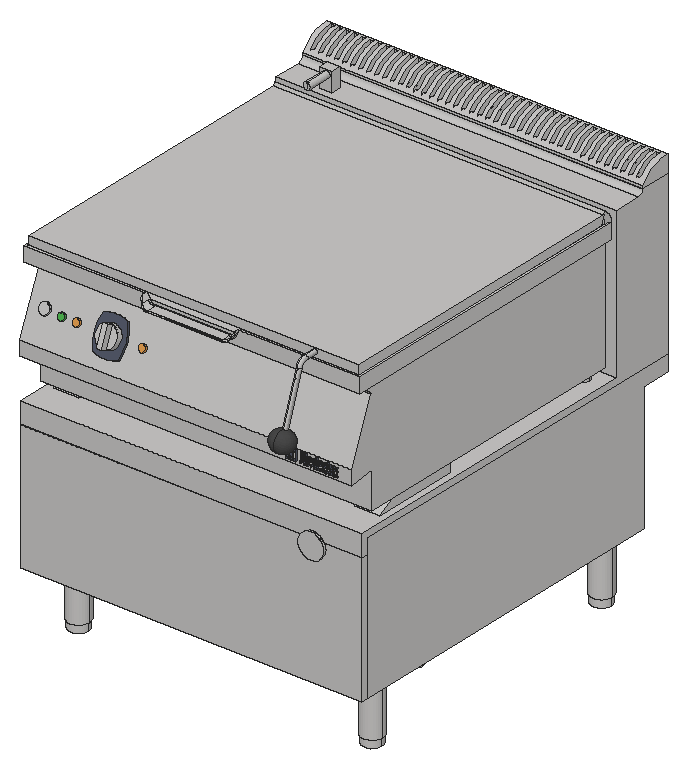
Revit family "QF_ELECTROLUXPROFESSIONAL_391598_E9PPBTBAMED", category Attrezzature speciali, Revit 2021
Family settings
  Quota connettore circolare = Usa diametro
  Tipo di parte = Normale
  Basato su piano di lavoro = No
  Sempre verticale = Sì
  Taglio con vuoti quando caricato = No
  Condiviso = No
  Punto di calcolo locali = No
Parameters (values of type "Standard")
  Weight = 150.00 kg
  Watts = 100 W
  Volts = 220 V
  URL Manufacturer = "https://www.electroluxprofessional.com/"
  URL = "https://www.electroluxprofessional.com/"
  Steam Supply Size = 0"
  Steam Supply Minimum Pressure = 0.00 psi
  Steam Supply Maximum Pressure = 0.00 psi
  Steam Consumption per Hour = 0
  Show Logo [instance] = yes
  Show Clearance [instance] = yes
  Refrigeration Suction Line Size = 0 mm
  Refrigeration Liquid Line Size = 0 mm
  Refrigerant Compressor Remote = yes
  Prospetto di default = 0 mm
  Phase = 1
  Modello = "E9PPBTBAMED"
  Produttore = "Electrolux Professional"
  Length Actual = 800 mm  # constant formula
  Item Number = "391598"
  Hot Water Size = 0"
  Height Actual = 850 mm  # constant formula
  HP = "0.1 HP"
  Gas Size = 1/2"
  Gas KW = 21
  Gas Input Pressure = 0.703736 Btu/h
  Direct Waste Size = 0"
  Descrizione = "80LT GAS BRATT PAN DUOMAT BOTTOM AUTO-60HZ - QMARK"
  Depth Actual = 930 mm  # constant formula
  Cycle = 60 Hz
  Condensate Return Size = 0"
  Compressed Air Volume = 0 GPM
  Compressed Air Size = 0"
  Compressed Air Pressure = 0.00 psi
  Cold Water Size = 3/4"
  Assembly Code = ""
  Accessory = yes
Reference planes
  plane 1 "BACK": y = 0
  plane 2: z = 0
  plane 3 "LEFT": x = 0
  plane 4 "RIGHT": x = 800
  plane 5 "FRONT": y = -915
  plane 6 "TOP": z = 908
  plane 7 "Center Y": x = 400
  plane 8 "Center X": y = -457.5
  plane 9 "Base": z = 149
  plane 10: z = 502.193
  plane 11: z = 1653
  plane 12: y = -125
  plane 13: y = -799
  plane 14: x = 55
  plane 15: y = -160.853
  plane 16: x = 745
  plane 17: y = -1014
  plane 18: y = -899.182
  plane 19: x = 786
  plane 20: z = 850
  plane 21 "Connection": z = 182
  plane 22: y = -706
  plane 23: x = 265
  plane 24: x = 105
  plane 25: x = 195
  plane 26 "FUME": z = 866.248
Forms (mm)
  Revolve 1, solid, material "QF_Finishes_Stainless Steel"
    sketch origin (0, -125, 0) x (1, 0, 0) y (0, 0, 1)
      loop
        line (55, 0) -> (55, 149) -> (29.6, 149) -> (29.6, 19.05) -> (32.1, 19.05) -> (32.1, 0) -> (55, 0)
      axis (55, 0) -> (55, 149)
    angle from 0 to 360
  Revolve 2, solid, material "QF_Finishes_Stainless Steel"
    sketch origin (0, -799, 0) x (1, 0, 0) y (0, 0, 1)
      loop
        line (55, 0) -> (55, 149) -> (29.6, 149) -> (29.6, 19.05) -> (32.1, 19.05) -> (32.1, 0) -> (55, 0)
      axis (55, 0) -> (55, 149)
    angle from 0 to 360
  Extrusion 3, solid, material "QF_Finishes_Stainless Steel"
    sketch origin (0, -214.682, 0) x (0, 1, 0) y (0, 0, 1)
      loop
        line (214.682, 487.193) -> (214.682, 866.248) -> (143.055, 866.248)
        arc (143.055, 866.248) -> (139.432, 857.502) -> (130.686, 853.88) r 12.368
        line (130.686, 853.88) -> (64.682, 853.88) -> (64.682, 502.193) -> (-684.5, 502.193) -> (-684.5, 452.193) -> (-669.5, 452.193) -> (-669.5, 487.193) -> (214.682, 487.193)
      loop
        line (-669.5, 149) -> (-669.5, 451.193) -> (-684.5, 451.193) -> (-684.5, 149) -> (-669.5, 149)
    from 0 to 800
  Extrusion 4, solid, material "QF_Finishes_Stainless Steel"
    sketch origin (0, -214.682, 0) x (0, 1, 0) y (0, 0, 1)
      loop
        line (44.029, 528.406) -> (44.029, 817.127) -> (-678.5, 817.127) -> (-678.5, 809.681) -> (-643.264, 774.446) -> (-700.318, 641.094) -> (-700.318, 606.094) -> (-640.765, 613.406) -> (-640.765, 528.406) -> (44.029, 528.406)
    from 10 to 790
  Sweep 5, solid, material "QF_Finishes_Stainless Steel"
    path origin (0, -204.882, 145) x (-1, 0, 0) y (0, -1, 0)
      loop
        line (-290, 694.3) -> (-5, 694.3) -> (-5, -44.029) -> (-795, -44.029) -> (-795, 694.3) -> (-510, 694.3)
    profile origin (652.5, -899.182, 145) x (0, -1, 0) y (0, 0, 1)
      loop
        line (-5, 651.359) -> (0, 651.359) -> (0, 685.301) -> (-6, 685.301) -> (-6, 681.062) -> (-5, 681.062) -> (-5, 651.359)
  Extrusion 6, solid, material "QF_Finishes_Stainless Steel"
    sketch origin (0, -214.682, -5) x (0, 1, 0) y (0, 0, 1)
      loop
        line (33.715, 835.301) -> (42.572, 855) -> (-677.138, 855) -> (-677.138, 835.301) -> (33.715, 835.301)
      loop
        arc (64.305, 837.022) -> (57.071, 850.749) -> (45.92, 861.539) r 49.182
        line (45.92, 861.539) -> (39.069, 846.301) -> (45.904, 846.301) -> (45.904, 832.604) -> (64.305, 814.204) -> (64.305, 837.022)
    from 12.363 to 787.637
  Extrusion 7, solid, material "QF_Finishes_Stainless Steel"
    sketch origin (0, -214.682, 0) x (0, 1, 0) y (0, 0, 1)
      loop
        line (-403.818, 528.406) -> (-556.057, 528.406) -> (-609.801, 502.193) -> (-403.818, 502.193) -> (-403.818, 528.406)
    from 16.63 to 76.513
  Extrusion 8, solid, material "QF_Finishes_Stainless Steel"
    sketch origin (0, -207.182, 150) x (-1, 0, 0) y (0, -1, 0)
      loop
        circle (-46.571, -17.496) r 15
      loop
        circle (-753.429, -17.496) r 15
    from 352.193 to 383.406
  Extrusion 9, solid, material "QF_Finishes_Stainless Steel"
    sketch origin (0, -64.682, 0) x (0, 1, 0) y (0, 0, 1)
      loop
        line (-43.387, 853.88) -> (-43.387, 898) -> (-67.444, 898) -> (-67.444, 853.88) -> (-43.387, 853.88)
    from 87.469 to 116.843
  Revolve 10, solid, material "QF_Finishes_Stainless Steel"
    sketch origin (103.25, -64.682, -10) x (0, 1, 0) y (0, 0, 1)
      loop
        line (-67.444, 898.097) -> (-67.444, 906.222) -> (-123.629, 906.222) -> (-123.629, 898.097) -> (-67.444, 898.097)
      axis (-123.629, 898.097) -> (-67.444, 898.097)
    angle from 0 to 360
  Extrusion 11, solid, material "QF_Clearances", visible <- "Show Clearance", detail levels coarse
    sketch origin (0, -214.682, 0) x (1, 0, 0) y (0, 1, 0)
      loop
        line (800, 214.682) -> (800, -700.318) -> (850, -700.318) -> (850, 264.682) -> (-50, 264.682) -> (-50, -700.318) -> (0, -700.318) -> (0, 214.682) -> (800, 214.682)
    from 0 to 908
  Extrusion 12, solid, material "QF_Finishes_Stainless Steel"
    sketch origin (800, 0, 0) x (0, 1, 0) y (0, 0, 1)
      loop
        line (-884.182, 149) -> (-69, 149) -> (-69, 448) -> (0, 448) -> (0, 487.193) -> (-884.182, 487.193) -> (-884.182, 149)
    from 0 to -800
  Revolve 13, solid, material "QF_Finishes_Stainless Steel"
    sketch origin (1000, -125, 0) x (-1, 0, 0) y (0, 0, -1)
      loop
        line (255, 0) -> (232.1, 0) -> (232.1, -19.05) -> (229.6, -19.05) -> (229.6, -149) -> (255, -149) -> (255, 0)
      axis (255, 0) -> (255, -149)
    angle from 0 to 360
  Revolve 14, solid, material "QF_Finishes_Stainless Steel"
    sketch origin (1000, -799, 0) x (-1, 0, 0) y (0, 0, -1)
      loop
        line (255, 0) -> (232.1, 0) -> (232.1, -19.05) -> (229.6, -19.05) -> (229.6, -149) -> (255, -149) -> (255, 0)
      axis (255, 0) -> (255, -149)
    angle from 0 to 360
  Sweep 15, solid, material "QF_Finishes_Stainless Steel"
    path origin (8.84, -214.682, -10) x (0, 1, 0) y (0, 0, 1)
      loop
        line (-677.138, 852.831) -> (-705.492, 852.831)
        arc (-705.492, 852.831) -> (-716.963, 849.214) -> (-724.286, 839.672) r 20
        line (-724.286, 839.672) -> (-765.322, 726.924)
    profile origin (8.84, -905.997, 842.831) x (0, 0, -1) y (1, 0, 0)
      loop
        circle (0, 676.16) r 5
  Revolve 16, solid, material "QF_Finishes_Black"
    sketch origin (685, -194.682, 0) x (0, 1, 0) y (0, 0, 1)
      loop
        line (-785.322, 716.924) -> (-792.738, 719.623)
        arc (-792.738, 719.623) -> (-818.978, 701.075) -> (-800.713, 674.638) r 22.845
        line (-800.713, 674.638) -> (-785.322, 716.924)
      axis (-785.322, 716.924) -> (-800.713, 674.638)
    angle from 0 to 360
  Extrusion 17, solid, material "QF_Finishes_Stainless Steel"
    sketch origin (800, -69, 149) x (-1, 0, 0) y (0, 1, 0)
      loop
        circle (14, -649.182) r 12.7
    from 0 to 5
  Extrusion 18, solid, material "QF_Finishes_Stainless Steel"
    sketch origin (-3.75, -899.182, 149) x (0, 0, 1) y (-1, 0, 0)
      loop
        circle (289.443, -688.75) r 30
    from 0 to 5
  Extrusion 19, solid, material "QF_Finishes_Stainless Steel"
    sketch origin (800, -214.682, 0) x (0, 1, 0) y (0, 0, -1)
      loop
        line (-403.818, -528.406) -> (-403.818, -502.193) -> (-609.801, -502.193) -> (-556.057, -528.406) -> (-403.818, -528.406)
    from 16.63 to 76.513
  Extrusion 20, solid, material "QF_Finishes_Stainless Steel"
    sketch origin (0, 0, 182) x (-1, 0, 0) y (0, -1, 0)
      loop
        circle (-105, 706) r 6.35
    from 0 to 45
  Extrusion 21, solid, material "QF_Finishes_Stainless Steel"
    sketch origin (21.213, 21.213, 182) x (-1, 0, 0) y (0, -1, 0)
      loop
        circle (-173.787, 719.213) r 6.35
    from 0 to 45
  Extrusion 22, solid, material "QF_Finishes_Stainless Steel"
    sketch origin (130, 0, 182) x (-1, 0, 0) y (0, -1, 0)
      loop
        circle (-135, 706) r 6.35
    from 0 to 45
  Extrusion 23, solid, material "QF_Finishes_Stainless Steel"
    sketch origin (0, -201.682, -15.905) x (1, 0, 0) y (0, 0, 1)
      loop
        line (509.996, 839.805) -> (509.996, 846.205) -> (502.677, 833.527)
        arc (502.677, 833.527) -> (496.674, 827.524) -> (488.474, 825.327) r 16.4
        line (488.474, 825.327) -> (311.526, 825.327)
        arc (311.526, 825.327) -> (303.32, 827.526) -> (297.312, 833.534) r 16.413
        line (297.312, 833.534) -> (289.996, 846.205) -> (289.996, 839.805) -> (294.541, 831.934)
        arc (294.541, 831.934) -> (301.72, 824.755) -> (311.526, 822.127) r 19.613
        line (311.526, 822.127) -> (488.474, 822.127)
        arc (488.474, 822.127) -> (498.274, 824.753) -> (505.448, 831.927) r 19.6
        line (505.448, 831.927) -> (509.996, 839.805)
    from 697.5 to 717.595
  Extrusion 24, void
    sketch origin (900, 188.397, 1219.2) x (0, -1, 0) y (0, 0, 1)
      loop
        line (1110.167, -415.736) -> (1110.167, -387.945) -> (1093.05, -387.945) -> (1110.167, -415.736)
    from 390 to 610
  Extrusion 25, solid, material "QF_Finishes_Navy Blue"
    sketch origin (-55.546, -1052.067, 320.727) x (0, 0.393353, 0.919387) y (-1, 0, 0)
      loop
        arc (453.989, -230.321) -> (416.907, -221.34) -> (379.375, -228.202) r 91.844
        arc (379.375, -228.202) -> (372.249, -258.844) -> (379.375, -289.487) r 69.441
        arc (379.375, -289.487) -> (416.897, -296.198) -> (453.989, -287.419) r 93.759
        arc (453.989, -287.419) -> (460.218, -258.87) -> (453.989, -230.321) r 68.543
    from 0 to 3.175
  Extrusion 26, solid, material "QF_Finishes_Orange"
    sketch origin (9.372, -901.482, 672.689) x (0, 0.393353, 0.919387) y (-1, 0, 0)
      loop
        circle (34.513, -113.251) r 8
    from 0 to 3.175
  Extrusion 27, solid, material "QF_Finishes_Green"
    sketch origin (14.068, -901.51, 672.624) x (0, 0.393353, 0.919387) y (-1, 0, 0)
      loop
        circle (34.513, -73.251) r 8
    from 0 to 3.175
  Extrusion 28, solid, material "QF_Finishes_Stainless Steel"
    sketch origin (-159.296, -918.156, 641.79) x (0, 0.393353, 0.919387) y (-1, 0, 0)
      loop
        circle (68.826, -362.213) r 25.4
    from 0 to 12.7
  Extrusion 29, solid, material "QF_Finishes_Stainless Steel"
    sketch origin (-159.296, -929.832, 646.786) x (0, 0.393353, 0.919387) y (-1, 0, 0)
      loop
        arc (93.558, -367.999) -> (94.226, -362.213) -> (93.558, -356.427) r 25.4
        line (93.558, -356.427) -> (44.094, -356.427)
        arc (44.094, -356.427) -> (43.426, -362.213) -> (44.094, -367.999) r 25.4
        line (44.094, -367.999) -> (93.558, -367.999)
    from 0 to 12.7
  Extrusion 30, solid, material "QF_Finishes_Stainless Steel"
    sketch origin (10.937, -915, 641.094) x (0, 0.393353, 0.919387) y (-1, 0, 0)
      loop
        circle (71.473, -36.635) r 12.7
    from 0 to 3.2
  Extrusion 31, solid, material "QF_Finishes_Orange"
    sketch origin (164.372, -901.482, 672.689) x (0, 0.393353, 0.919387) y (-1, 0, 0)
      loop
        circle (34.513, -113.251) r 8
    from 0 to 3.175
  Extrusion 32, solid, material "QF_Clearances", visible <- "Show Clearance", detail levels coarse
    sketch origin (0, -996.643, 709.193) x (0, 0.238373, -0.971174) y (0, 0.971174, 0.238373)
      loop
        line (33.715, 835.301) -> (42.572, 855) -> (-677.138, 855) -> (-677.138, 835.301) -> (33.715, 835.301)
      loop
        arc (64.305, 837.022) -> (57.071, 850.749) -> (45.92, 861.539) r 49.182
        line (45.92, 861.539) -> (39.069, 846.301) -> (45.904, 846.301) -> (45.904, 832.604) -> (64.305, 814.204) -> (64.305, 837.022)
    from 12.363 to 787.637
  Sweep 33, solid, material "QF_Clearances", visible <- "Show Clearance", detail levels coarse
    path origin (8.84, -1001.499, 708.002) x (0, 0.238373, -0.971174) y (0, 0.971174, 0.238373)
      loop
        line (-677.138, 852.831) -> (-705.492, 852.831)
        arc (-705.492, 852.831) -> (-716.963, 849.214) -> (-724.286, 839.672) r 20
        line (-724.286, 839.672) -> (-765.322, 726.924)
    profile origin (8.84, -338.043, 1582.68) x (0, -0.971174, -0.238373) y (1, 0, 0)
      loop
        circle (0, 676.16) r 5
  Revolve 34, solid, material "QF_Clearances", visible <- "Show Clearance", detail levels coarse
    sketch origin (685, -987.02, 690.962) x (0, 0.238373, -0.971174) y (0, 0.971174, 0.238373)
      loop
        line (-785.322, 716.924) -> (-792.738, 719.623)
        arc (-792.738, 719.623) -> (-818.978, 701.075) -> (-800.713, 674.638) r 22.845
        line (-800.713, 674.638) -> (-785.322, 716.924)
      axis (-785.322, 716.924) -> (-800.713, 674.638)
    angle from 0 to 360
  Extrusion 35, solid, material "QF_Finishes_Navy Blue", visible <- "Show Logo"
    sketch origin (486.175, -915, 608.853) x (0, 0, 1) y (-1, 0, 0)
      loop
        line (26.951, -165.54) -> (5.387, -165.54)
        arc (5.387, -165.54) -> (16.169, -173.512) -> (26.951, -165.54) r 11.278
      loop
        arc (26.951, -164.444) -> (24.913, -155.475) -> (16.794, -151.154) r 11.052
        line (16.794, -151.154) -> (16.794, -154.722)
        arc (16.794, -154.722) -> (19.381, -161.095) -> (25.39, -164.444) r 10.359
        line (25.39, -164.444) -> (26.951, -164.444)
      loop
        arc (6.948, -164.444) -> (12.957, -161.095) -> (15.544, -154.722) r 10.359
        line (15.544, -154.722) -> (15.544, -151.154)
        arc (15.544, -151.154) -> (7.358, -155.468) -> (5.11, -164.444) r 11.341
        line (5.11, -164.444) -> (6.948, -164.444)
      loop
        line (28.128, -150.336) -> (4.161, -150.336) -> (4.161, -174.336) -> (28.128, -174.336) -> (28.128, -150.336)
      loop
        spline (16.361, -188.464) -> (16.369, -188.263) -> (16.397, -188.049) -> (16.447, -187.828) -> (16.523, -187.605) -> (16.628, -187.386) -> (16.766, -187.177) -> (16.939, -186.985) -> (17.152, -186.814) -> (17.407, -186.671) -> (17.709, -186.562) -> (18.059, -186.492) -> (18.462, -186.467)
        line (18.462, -186.467) -> (20.251, -186.467) -> (20.251, -192.37) -> (22.531, -192.37) -> (22.531, -186.466) -> (25.85, -186.466) -> (25.85, -192.746) -> (28.124, -192.746) -> (28.124, -184.05) -> (18.566, -184.05)
        spline (18.566, -184.05) -> (17.978, -184.071) -> (17.424, -184.137) -> (16.905, -184.248) -> (16.424, -184.406) -> (15.983, -184.612) -> (15.583, -184.866) -> (15.226, -185.171) -> (14.914, -185.528) -> (14.649, -185.937) -> (14.434, -186.401) -> (14.269, -186.919) -> (14.157, -187.495)
        line (14.157, -187.495) -> (14.089, -188.444) -> (14.089, -192.915) -> (16.361, -192.915) -> (16.361, -188.464)
      loop
        line (21.492, -194.632) -> (14.086, -194.632) -> (14.086, -197.049) -> (28.128, -197.049) -> (28.128, -194.632) -> (21.492, -194.632)
      loop
        spline (18.571, -208.979) -> (19.331, -208.995) -> (20.067, -208.922) -> (20.77, -208.763) -> (21.436, -208.522) -> (22.055, -208.2) -> (22.623, -207.802) -> (23.132, -207.331) -> (23.576, -206.789) -> (23.947, -206.18) -> (24.24, -205.507) -> (24.447, -204.772) -> (24.561, -203.98)
        spline (24.561, -203.98) -> (24.517, -203.228) -> (24.388, -202.513) -> (24.178, -201.84) -> (23.889, -201.216) -> (23.524, -200.646) -> (23.088, -200.134) -> (22.582, -199.687) -> (22.011, -199.309) -> (21.378, -199.005) -> (20.686, -198.782) -> (19.937, -198.644) -> (19.137, -198.597)
        spline (19.137, -198.597) -> (18.356, -198.643) -> (17.626, -198.777) -> (16.949, -198.995) -> (16.331, -199.293) -> (15.772, -199.666) -> (15.278, -200.111) -> (14.851, -200.623) -> (14.494, -201.198) -> (14.211, -201.832) -> (14.005, -202.519) -> (13.878, -203.257) -> (13.836, -204.041)
        spline (13.836, -204.041) -> (13.845, -204.424) -> (13.874, -204.802) -> (13.924, -205.175) -> (13.997, -205.545) -> (14.096, -205.909) -> (14.223, -206.27) -> (14.378, -206.625) -> (14.564, -206.976) -> (14.783, -207.322) -> (15.037, -207.664) -> (15.328, -208) -> (15.657, -208.331)
        line (15.657, -208.331) -> (17.073, -206.874)
        spline (17.073, -206.874) -> (16.889, -206.682) -> (16.719, -206.489) -> (16.566, -206.293) -> (16.427, -206.093) -> (16.305, -205.887) -> (16.198, -205.673) -> (16.108, -205.449) -> (16.033, -205.213) -> (15.975, -204.965) -> (15.933, -204.701) -> (15.908, -204.421) -> (15.9, -204.122)
        spline (15.9, -204.122) -> (15.921, -203.685) -> (15.985, -203.275) -> (16.089, -202.893) -> (16.233, -202.542) -> (16.413, -202.224) -> (16.628, -201.939) -> (16.878, -201.691) -> (17.159, -201.479) -> (17.471, -201.308) -> (17.811, -201.177) -> (18.178, -201.089) -> (18.571, -201.046)
        line (18.571, -201.046) -> (18.571, -208.979)
      loop
        spline (20.271, -206.55) -> (20.57, -206.527) -> (20.857, -206.458) -> (21.131, -206.348) -> (21.387, -206.199) -> (21.624, -206.014) -> (21.839, -205.797) -> (22.028, -205.55) -> (22.189, -205.276) -> (22.32, -204.98) -> (22.416, -204.663) -> (22.476, -204.329) -> (22.497, -203.98)
        spline (22.497, -203.98) -> (22.476, -203.607) -> (22.417, -203.248) -> (22.322, -202.905) -> (22.194, -202.584) -> (22.034, -202.285) -> (21.847, -202.013) -> (21.633, -201.77) -> (21.396, -201.56) -> (21.139, -201.385) -> (20.864, -201.25) -> (20.574, -201.156) -> (20.271, -201.107)
        line (20.271, -201.107) -> (20.271, -206.55)
      loop
        spline (19.198, -212.675) -> (19.648, -212.703) -> (20.074, -212.784) -> (20.475, -212.915) -> (20.846, -213.093) -> (21.184, -213.314) -> (21.487, -213.576) -> (21.752, -213.875) -> (21.976, -214.207) -> (22.155, -214.571) -> (22.286, -214.961) -> (22.368, -215.376) -> (22.395, -215.812)
        spline (22.395, -215.812) -> (22.387, -216.079) -> (22.362, -216.336) -> (22.321, -216.581) -> (22.264, -216.816) -> (22.192, -217.042) -> (22.105, -217.259) -> (22.002, -217.467) -> (21.886, -217.668) -> (21.755, -217.861) -> (21.611, -218.047) -> (21.453, -218.228) -> (21.283, -218.402)
        line (21.283, -218.402) -> (22.841, -219.9)
        spline (22.841, -219.9) -> (23.139, -219.602) -> (23.407, -219.295) -> (23.645, -218.979) -> (23.855, -218.656) -> (24.037, -218.324) -> (24.192, -217.985) -> (24.32, -217.639) -> (24.424, -217.286) -> (24.503, -216.926) -> (24.558, -216.56) -> (24.591, -216.189) -> (24.601, -215.812)
        spline (24.601, -215.812) -> (24.555, -215.057) -> (24.418, -214.333) -> (24.195, -213.648) -> (23.893, -213.008) -> (23.516, -212.418) -> (23.068, -211.886) -> (22.556, -211.419) -> (21.984, -211.021) -> (21.357, -210.701) -> (20.681, -210.465) -> (19.959, -210.318) -> (19.198, -210.268)
        spline (19.198, -210.268) -> (18.437, -210.318) -> (17.716, -210.465) -> (17.039, -210.701) -> (16.412, -211.021) -> (15.84, -211.419) -> (15.328, -211.886) -> (14.881, -212.418) -> (14.503, -213.008) -> (14.201, -213.648) -> (13.979, -214.333) -> (13.842, -215.057) -> (13.795, -215.812)
        spline (13.795, -215.812) -> (13.806, -216.189) -> (13.838, -216.56) -> (13.894, -216.926) -> (13.973, -217.286) -> (14.076, -217.639) -> (14.205, -217.985) -> (14.36, -218.324) -> (14.542, -218.656) -> (14.751, -218.979) -> (14.99, -219.295) -> (15.257, -219.602) -> (15.556, -219.9)
        line (15.556, -219.9) -> (17.114, -218.402)
        spline (17.114, -218.402) -> (16.943, -218.228) -> (16.786, -218.047) -> (16.641, -217.861) -> (16.511, -217.668) -> (16.394, -217.467) -> (16.292, -217.259) -> (16.204, -217.042) -> (16.132, -216.816) -> (16.075, -216.581) -> (16.034, -216.336) -> (16.009, -216.079) -> (16.001, -215.812)
        spline (16.001, -215.812) -> (16.029, -215.376) -> (16.11, -214.961) -> (16.242, -214.571) -> (16.421, -214.207) -> (16.644, -213.875) -> (16.909, -213.576) -> (17.212, -213.314) -> (17.551, -213.093) -> (17.922, -212.915) -> (18.322, -212.784) -> (18.748, -212.703) -> (19.198, -212.675)
      loop
        spline (16.358, -226.063) -> (16.354, -225.85) -> (16.37, -225.622) -> (16.41, -225.384) -> (16.477, -225.143) -> (16.575, -224.905) -> (16.708, -224.675) -> (16.88, -224.461) -> (17.095, -224.267) -> (17.357, -224.1) -> (17.669, -223.965) -> (18.036, -223.87) -> (18.462, -223.819)
        line (18.462, -223.819) -> (22.044, -223.819) -> (22.044, -226.018) -> (24.24, -226.018) -> (24.24, -223.822) -> (28.128, -223.822) -> (28.128, -221.405) -> (18.325, -221.405)
        spline (18.325, -221.405) -> (17.756, -221.457) -> (17.221, -221.55) -> (16.722, -221.687) -> (16.26, -221.867) -> (15.838, -222.093) -> (15.456, -222.365) -> (15.118, -222.685) -> (14.824, -223.053) -> (14.577, -223.471) -> (14.378, -223.94) -> (14.229, -224.46) -> (14.132, -225.034)
        line (14.132, -225.034) -> (14.086, -226.054) -> (16.358, -226.063)
      loop
        spline (24.381, -234.197) -> (24.407, -233.778) -> (24.399, -233.376) -> (24.36, -232.99) -> (24.289, -232.622) -> (24.188, -232.273) -> (24.058, -231.943) -> (23.901, -231.635) -> (23.716, -231.349) -> (23.505, -231.087) -> (23.27, -230.849) -> (23.011, -230.636) -> (22.73, -230.45)
        line (22.73, -230.45) -> (24.24, -230.45) -> (24.24, -228.052) -> (14.086, -228.052) -> (14.086, -230.45) -> (19.425, -230.45)
        spline (19.425, -230.45) -> (19.83, -230.472) -> (20.207, -230.537) -> (20.555, -230.643) -> (20.873, -230.788) -> (21.159, -230.972) -> (21.412, -231.192) -> (21.63, -231.448) -> (21.811, -231.736) -> (21.955, -232.056) -> (22.059, -232.406) -> (22.123, -232.784) -> (22.145, -233.189)
        line (22.145, -233.189) -> (22.044, -234.197) -> (24.381, -234.197)
      loop
        spline (19.163, -245.648) -> (19.908, -245.597) -> (20.618, -245.45) -> (21.287, -245.212) -> (21.909, -244.892) -> (22.48, -244.494) -> (22.993, -244.026) -> (23.443, -243.494) -> (23.823, -242.904) -> (24.129, -242.265) -> (24.354, -241.581) -> (24.494, -240.86) -> (24.542, -240.108)
        spline (24.542, -240.108) -> (24.494, -239.351) -> (24.354, -238.627) -> (24.129, -237.941) -> (23.823, -237.301) -> (23.443, -236.712) -> (22.993, -236.181) -> (22.48, -235.714) -> (21.909, -235.318) -> (21.287, -234.999) -> (20.618, -234.763) -> (19.908, -234.617) -> (19.163, -234.567)
        spline (19.163, -234.567) -> (18.418, -234.617) -> (17.708, -234.763) -> (17.039, -234.999) -> (16.417, -235.318) -> (15.846, -235.714) -> (15.333, -236.181) -> (14.883, -236.712) -> (14.502, -237.301) -> (14.197, -237.941) -> (13.971, -238.627) -> (13.831, -239.351) -> (13.784, -240.108)
        spline (13.784, -240.108) -> (13.831, -240.86) -> (13.971, -241.581) -> (14.197, -242.265) -> (14.502, -242.904) -> (14.883, -243.494) -> (15.333, -244.026) -> (15.846, -244.494) -> (16.417, -244.892) -> (17.039, -245.212) -> (17.708, -245.45) -> (18.418, -245.597) -> (19.163, -245.648)
      loop
        spline (19.163, -243.25) -> (19.602, -243.222) -> (20.021, -243.14) -> (20.417, -243.008) -> (20.785, -242.829) -> (21.123, -242.606) -> (21.427, -242.344) -> (21.693, -242.044) -> (21.919, -241.71) -> (22.101, -241.347) -> (22.235, -240.956) -> (22.318, -240.542) -> (22.346, -240.108)
        spline (22.346, -240.108) -> (22.318, -239.669) -> (22.235, -239.252) -> (22.101, -238.86) -> (21.919, -238.496) -> (21.693, -238.163) -> (21.427, -237.864) -> (21.123, -237.602) -> (20.785, -237.381) -> (20.417, -237.204) -> (20.021, -237.073) -> (19.602, -236.993) -> (19.163, -236.965)
        spline (19.163, -236.965) -> (18.723, -236.993) -> (18.304, -237.073) -> (17.909, -237.204) -> (17.541, -237.381) -> (17.203, -237.602) -> (16.899, -237.864) -> (16.632, -238.163) -> (16.406, -238.496) -> (16.225, -238.86) -> (16.091, -239.252) -> (16.008, -239.669) -> (15.979, -240.108)
        spline (15.979, -240.108) -> (16.008, -240.542) -> (16.091, -240.956) -> (16.225, -241.347) -> (16.406, -241.71) -> (16.632, -242.044) -> (16.899, -242.344) -> (17.203, -242.606) -> (17.541, -242.829) -> (17.909, -243.008) -> (18.304, -243.14) -> (18.723, -243.222) -> (19.163, -243.25)
      loop
        line (21.735, -247.134) -> (14.086, -247.134) -> (14.086, -249.553) -> (28.128, -249.553) -> (28.128, -247.134) -> (21.735, -247.134)
      loop
        line (24.24, -258.272) -> (18.337, -258.272)
        spline (18.337, -258.272) -> (17.953, -258.252) -> (17.607, -258.196) -> (17.298, -258.104) -> (17.025, -257.979) -> (16.788, -257.824) -> (16.584, -257.639) -> (16.415, -257.429) -> (16.277, -257.194) -> (16.172, -256.937) -> (16.098, -256.66) -> (16.054, -256.365) -> (16.04, -256.055)
        spline (16.04, -256.055) -> (16.054, -255.745) -> (16.098, -255.45) -> (16.172, -255.173) -> (16.277, -254.916) -> (16.413, -254.682) -> (16.582, -254.471) -> (16.784, -254.287) -> (17.019, -254.132) -> (17.29, -254.007) -> (17.595, -253.915) -> (17.937, -253.859) -> (18.316, -253.839)
        line (18.316, -253.839) -> (24.24, -253.839) -> (24.24, -251.401) -> (18.115, -251.401)
        spline (18.115, -251.401) -> (17.421, -251.445) -> (16.79, -251.57) -> (16.22, -251.771) -> (15.713, -252.043) -> (15.267, -252.379) -> (14.881, -252.774) -> (14.556, -253.221) -> (14.292, -253.715) -> (14.086, -254.249) -> (13.94, -254.818) -> (13.853, -255.415) -> (13.824, -256.035)
        spline (13.824, -256.035) -> (13.853, -256.661) -> (13.942, -257.263) -> (14.09, -257.836) -> (14.298, -258.375) -> (14.567, -258.873) -> (14.896, -259.324) -> (15.287, -259.722) -> (15.74, -260.061) -> (16.254, -260.335) -> (16.832, -260.538) -> (17.472, -260.665) -> (18.176, -260.708)
        line (18.176, -260.708) -> (24.24, -260.708) -> (24.24, -258.272)
      loop
        line (17.333, -269.856) -> (19.465, -268.331) -> (22.037, -270.219) -> (24.239, -271.836) -> (24.239, -269.197) -> (21.197, -267) -> (24.239, -264.785) -> (24.239, -262.166) -> (22.185, -263.668) -> (19.445, -265.671) -> (16.52, -263.571) -> (14.086, -261.823) -> (14.086, -264.422) -> (17.672, -267) -> (14.086, -269.579) -> (14.086, -272.178) -> (17.333, -269.856)
      loop
        line (9.015, -185.409) -> (9.015, -183.539) -> (4.161, -183.539) -> (4.161, -184.537) -> (5.806, -184.537) -> (5.806, -185.409)
        arc (5.806, -185.409) -> (7.41, -187.014) -> (9.015, -185.409) r 1.605
      loop
        arc (6.731, -185.476) -> (7.41, -186.056) -> (8.089, -185.476) r 0.687
        line (8.089, -185.476) -> (8.089, -184.537) -> (6.731, -184.537) -> (6.731, -185.476)
      loop
        line (9.015, -193.025) -> (9.015, -191.122) -> (4.161, -191.122) -> (4.161, -192.12) -> (5.833, -192.12) -> (5.833, -192.986) -> (4.161, -193.838) -> (4.161, -194.971) -> (6.078, -193.806)
        arc (6.078, -193.806) -> (6.645, -194.415) -> (7.45, -194.627) r 1.499
        arc (7.45, -194.627) -> (8.559, -194.145) -> (9.015, -193.025) r 1.602
      loop
        line (8.097, -193.005) -> (8.097, -192.12) -> (6.743, -192.12) -> (6.743, -193.005)
        arc (6.743, -193.005) -> (7.42, -193.556) -> (8.097, -193.005) r 0.691
      loop
        circle (6.588, -201.168) r 2.521
      loop
        circle (6.588, -201.168) r 1.6
      loop
        line (9.015, -207.864) -> (4.161, -207.864) -> (4.161, -208.862) -> (6.156, -208.862) -> (6.156, -210.689) -> (7.073, -210.689) -> (7.073, -208.862) -> (8.098, -208.862) -> (8.098, -210.864) -> (9.015, -210.864) -> (9.015, -207.864)
      loop
        line (9.015, -214.982) -> (5.735, -214.982)
        arc (5.735, -214.982) -> (4.623, -215.429) -> (4.161, -216.535) r 1.554
        line (4.161, -216.535) -> (4.161, -218.103) -> (5.078, -218.103) -> (5.078, -216.944)
        arc (5.078, -216.944) -> (5.427, -216.196) -> (6.223, -215.98) r 0.979
        line (6.223, -215.98) -> (6.223, -217.921) -> (7.141, -217.921) -> (7.141, -215.98) -> (8.098, -215.98) -> (8.098, -218.056) -> (9.015, -218.056) -> (9.015, -214.982)
      loop
        line (7.742, -224.632) -> (8.234, -225.349)
        arc (8.234, -225.349) -> (8.882, -224.684) -> (9.095, -223.78) r 1.738
        arc (9.095, -223.78) -> (8.894, -222.994) -> (8.386, -222.36) r 1.926
        arc (8.386, -222.36) -> (7.749, -222.275) -> (7.12, -222.404) r 1.936
        arc (7.12, -222.404) -> (6.653, -222.836) -> (6.356, -223.4) r 1.881
        arc (6.356, -223.4) -> (6.185, -223.835) -> (5.972, -224.252) r 4.917
        arc (5.972, -224.252) -> (5.357, -224.498) -> (4.996, -223.943) r 0.523
        arc (4.996, -223.943) -> (5.232, -223.24) -> (5.739, -222.7) r 1.738
        line (5.739, -222.7) -> (5.26, -221.938)
        arc (5.26, -221.938) -> (4.761, -222.24) -> (4.38, -222.681) r 1.867
        arc (4.38, -222.681) -> (4.141, -223.241) -> (4.08, -223.846) r 2.013
        arc (4.08, -223.846) -> (4.229, -224.594) -> (4.587, -225.268) r 2.629
        arc (4.587, -225.268) -> (5.379, -225.566) -> (6.211, -225.413) r 1.579
        arc (6.211, -225.413) -> (6.594, -225.08) -> (6.872, -224.656) r 1.83
        arc (6.872, -224.656) -> (7.111, -224.119) -> (7.318, -223.568) r 9.64
        arc (7.318, -223.568) -> (7.812, -223.25) -> (8.179, -223.71) r 0.439
        arc (8.179, -223.71) -> (8.066, -224.221) -> (7.742, -224.632) r 1.168
      loop
        line (9.015, -237.028) -> (4.161, -237.028) -> (4.161, -238.027) -> (9.015, -238.027) -> (9.015, -237.028)
      loop
        circle (6.588, -244.756) r 1.51
      loop
        circle (6.588, -244.756) r 2.521
      loop
        line (4.161, -251.452) -> (4.161, -252.461) -> (7.213, -252.461) -> (4.161, -254.682) -> (4.161, -255.652) -> (9.015, -255.652) -> (9.015, -254.644) -> (5.87, -254.644) -> (9.015, -252.423) -> (9.015, -251.452) -> (4.161, -251.452)
      loop
        line (4.161, -260.684) -> (5.208, -261.157) -> (5.208, -262.953) -> (4.161, -263.425) -> (4.161, -264.498) -> (9.015, -262.025) -> (4.161, -259.613) -> (4.161, -260.684)
      loop
        line (7.2, -262.055) -> (6.204, -261.605) -> (6.204, -262.505) -> (7.2, -262.055)
      loop
        line (5.078, -269.456) -> (9.015, -269.456) -> (9.015, -268.457) -> (4.161, -268.457) -> (4.161, -271.322) -> (5.078, -271.322) -> (5.078, -269.456)
      loop
        line (7.742, -231.965) -> (8.234, -232.682)
        arc (8.234, -232.682) -> (8.882, -232.017) -> (9.095, -231.114) r 1.738
        arc (9.095, -231.114) -> (8.894, -230.327) -> (8.386, -229.693) r 1.926
        arc (8.386, -229.693) -> (7.749, -229.609) -> (7.12, -229.737) r 1.936
        arc (7.12, -229.737) -> (6.653, -230.169) -> (6.356, -230.733) r 1.881
        arc (6.356, -230.733) -> (6.185, -231.168) -> (5.972, -231.586) r 4.917
        arc (5.972, -231.586) -> (5.357, -231.831) -> (4.996, -231.276) r 0.523
        arc (4.996, -231.276) -> (5.232, -230.573) -> (5.739, -230.033) r 1.738
        line (5.739, -230.033) -> (5.26, -229.271)
        arc (5.26, -229.271) -> (4.761, -229.573) -> (4.38, -230.015) r 1.867
        arc (4.38, -230.015) -> (4.141, -230.574) -> (4.08, -231.179) r 2.013
        arc (4.08, -231.179) -> (4.229, -231.928) -> (4.587, -232.602) r 2.629
        arc (4.587, -232.602) -> (5.379, -232.899) -> (6.211, -232.746) r 1.579
        arc (6.211, -232.746) -> (6.594, -232.414) -> (6.872, -231.989) r 1.83
        arc (6.872, -231.989) -> (7.111, -231.452) -> (7.318, -230.901) r 9.64
        arc (7.318, -230.901) -> (7.812, -230.583) -> (8.179, -231.043) r 0.439
        arc (8.179, -231.043) -> (8.066, -231.554) -> (7.742, -231.965) r 1.168
    from 0 to 1.644
  Extrusion 36, solid, material "QF_Finishes_Stainless Steel"
    sketch origin (290, -899.182, 830.301) x (-1, 0, 0) y (0, 0, -1)
      loop
        line (0.004, 33.941) -> (-220, 33.941) -> (-220, -0.006) -> (-212.677, 12.678)
        arc (-212.677, 12.678) -> (-206.674, 18.681) -> (-198.474, 20.878) r 16.4
        line (-198.474, 20.878) -> (-21.526, 20.878)
        arc (-21.526, 20.878) -> (-13.32, 18.679) -> (-7.312, 12.672) r 16.413
        line (-7.312, 12.672) -> (0.004, 0) -> (0.004, 33.941)
    from 0 to -6
  Extrusion 37, void
    sketch origin (26.231, 0, 866.248) x (-1, 0, 0) y (0, -1, 0)
      loop
        line (-295.005, 6.761) -> (-285.709, 6.761) -> (-285.709, 63.911) -> (-295.005, 63.911) -> (-295.005, 6.761)
      loop
        line (-313.697, 6.761) -> (-304.401, 6.761) -> (-304.401, 63.911) -> (-313.697, 63.911) -> (-313.697, 6.761)
      loop
        line (-332.39, 6.761) -> (-323.094, 6.761) -> (-323.094, 63.911) -> (-332.39, 63.911) -> (-332.39, 6.761)
      loop
        line (-351.082, 6.761) -> (-341.787, 6.761) -> (-341.787, 63.911) -> (-351.082, 63.911) -> (-351.082, 6.761)
      loop
        line (-369.775, 6.761) -> (-360.479, 6.761) -> (-360.479, 63.911) -> (-369.775, 63.911) -> (-369.775, 6.761)
      loop
        line (-388.468, 6.761) -> (-379.172, 6.761) -> (-379.172, 63.911) -> (-388.468, 63.911) -> (-388.468, 6.761)
      loop
        line (-407.16, 6.761) -> (-397.864, 6.761) -> (-397.864, 63.911) -> (-407.16, 63.911) -> (-407.16, 6.761)
      loop
        line (-425.853, 6.761) -> (-416.557, 6.761) -> (-416.557, 63.911) -> (-425.853, 63.911) -> (-425.853, 6.761)
      loop
        line (-444.545, 6.761) -> (-435.25, 6.761) -> (-435.25, 63.911) -> (-444.545, 63.911) -> (-444.545, 6.761)
      loop
        line (-463.238, 6.761) -> (-453.942, 6.761) -> (-453.942, 63.911) -> (-463.238, 63.911) -> (-463.238, 6.761)
      loop
        line (-481.931, 6.761) -> (-472.635, 6.761) -> (-472.635, 63.911) -> (-481.931, 63.911) -> (-481.931, 6.761)
      loop
        line (-500.623, 6.761) -> (-491.328, 6.761) -> (-491.328, 63.911) -> (-500.623, 63.911) -> (-500.623, 6.761)
      loop
        line (-519.316, 6.761) -> (-510.02, 6.761) -> (-510.02, 63.911) -> (-519.316, 63.911) -> (-519.316, 6.761)
      loop
        line (-538.008, 6.761) -> (-528.713, 6.761) -> (-528.713, 63.911) -> (-538.008, 63.911) -> (-538.008, 6.761)
      loop
        line (-556.701, 6.761) -> (-547.405, 6.761) -> (-547.405, 63.911) -> (-556.701, 63.911) -> (-556.701, 6.761)
      loop
        line (-575.394, 6.761) -> (-566.098, 6.761) -> (-566.098, 63.911) -> (-575.394, 63.911) -> (-575.394, 6.761)
      loop
        line (-594.086, 6.761) -> (-584.791, 6.761) -> (-584.791, 63.911) -> (-594.086, 63.911) -> (-594.086, 6.761)
      loop
        line (-612.779, 6.761) -> (-603.483, 6.761) -> (-603.483, 63.911) -> (-612.779, 63.911) -> (-612.779, 6.761)
      loop
        line (-631.472, 6.761) -> (-622.176, 6.761) -> (-622.176, 63.911) -> (-631.472, 63.911) -> (-631.472, 6.761)
      loop
        line (-650.164, 6.761) -> (-640.868, 6.761) -> (-640.868, 63.911) -> (-650.164, 63.911) -> (-650.164, 6.761)
      loop
        line (-126.771, 6.761) -> (-117.475, 6.761) -> (-117.475, 63.911) -> (-126.771, 63.911) -> (-126.771, 6.761)
      loop
        line (-145.464, 6.761) -> (-136.168, 6.761) -> (-136.168, 63.911) -> (-145.464, 63.911) -> (-145.464, 6.761)
      loop
        line (-164.156, 6.761) -> (-154.861, 6.761) -> (-154.861, 63.911) -> (-164.156, 63.911) -> (-164.156, 6.761)
      loop
        line (-182.849, 6.761) -> (-173.553, 6.761) -> (-173.553, 63.911) -> (-182.849, 63.911) -> (-182.849, 6.761)
      loop
        line (-201.542, 6.761) -> (-192.246, 6.761) -> (-192.246, 63.911) -> (-201.542, 63.911) -> (-201.542, 6.761)
      loop
        line (-220.234, 6.761) -> (-210.938, 6.761) -> (-210.938, 63.911) -> (-220.234, 63.911) -> (-220.234, 6.761)
      loop
        line (-238.927, 6.761) -> (-229.631, 6.761) -> (-229.631, 63.911) -> (-238.927, 63.911) -> (-238.927, 6.761)
      loop
        line (-257.619, 6.761) -> (-248.324, 6.761) -> (-248.324, 63.911) -> (-257.619, 63.911) -> (-257.619, 6.761)
      loop
        line (-276.312, 6.761) -> (-267.016, 6.761) -> (-267.016, 63.911) -> (-276.312, 63.911) -> (-276.312, 6.761)
      loop
        line (-108.078, 6.761) -> (-98.783, 6.761) -> (-98.783, 63.911) -> (-108.078, 63.911) -> (-108.078, 6.761)
      loop
        line (4.077, 6.761) -> (13.373, 6.761) -> (13.373, 63.911) -> (4.077, 63.911) -> (4.077, 6.761)
      loop
        line (-14.615, 6.761) -> (-5.32, 6.761) -> (-5.32, 63.911) -> (-14.615, 63.911) -> (-14.615, 6.761)
      loop
        line (-33.308, 6.761) -> (-24.012, 6.761) -> (-24.012, 63.911) -> (-33.308, 63.911) -> (-33.308, 6.761)
      loop
        line (-52.001, 6.761) -> (-42.705, 6.761) -> (-42.705, 63.911) -> (-52.001, 63.911) -> (-52.001, 6.761)
      loop
        line (-70.693, 6.761) -> (-61.398, 6.761) -> (-61.398, 63.911) -> (-70.693, 63.911) -> (-70.693, 6.761)
      loop
        line (-89.386, 6.761) -> (-80.09, 6.761) -> (-80.09, 63.911) -> (-89.386, 63.911) -> (-89.386, 6.761)
      loop
        line (-668.857, 6.761) -> (-659.561, 6.761) -> (-659.561, 63.911) -> (-668.857, 63.911) -> (-668.857, 6.761)
      loop
        line (-687.549, 6.761) -> (-678.254, 6.761) -> (-678.254, 63.911) -> (-687.549, 63.911) -> (-687.549, 6.761)
      loop
        line (-706.242, 6.761) -> (-696.946, 6.761) -> (-696.946, 63.911) -> (-706.242, 63.911) -> (-706.242, 6.761)
      loop
        line (-724.935, 6.761) -> (-715.639, 6.761) -> (-715.639, 63.911) -> (-724.935, 63.911) -> (-724.935, 6.761)
      loop
        line (-743.627, 6.761) -> (-734.331, 6.761) -> (-734.331, 63.911) -> (-743.627, 63.911) -> (-743.627, 6.761)
      loop
        line (-751.616, 6.761) -> (-751.616, 63.911) -> (-760.912, 63.911) -> (-760.912, 6.761) -> (-751.616, 6.761)
    from 9.525 to 45.348
  Extrusion 38, solid, material "QF_Finishes_Stainless Steel"
    sketch origin (-108.759, 0, 591.61) x (0, 1, 0) y (0, 0, 1)
      loop
        line (0, 274.638) -> (0, 316.35)
        arc (0, 316.35) -> (-40.437, 307.046) -> (-71.628, 279.681) r 84.854
        line (-71.628, 279.681) -> (-71.628, 274.638) -> (0, 274.638)
    from 108.759 to 908.759
Cuts and joins
  Extrusion 24 cuts Extrusion 23
  joined: Sweep 5, Extrusion 23, Extrusion 36
  Extrusion 37 cuts Extrusion 38
Lines and regions (mm)
  symbolic lines
    curve 1: line (10, -915, 149) -> (197.131, -915, 149)
    curve 2: line (0, -899.182, 149) -> (280.622, -899.182, 149)
    curve 3: line (5, -160.853, 149) -> (5, -899.182, 149)
    curve 4: line (0, 0, 149) -> (0, -899.182, 149)
    curve 5: line (800, -899.182, 149) -> (800, 0, 149)
    curve 6: line (5, -160.853, 149) -> (95.125, -160.853, 149)
    curve 7: line (789, -171.653, 149) -> (111.375, -171.653, 149)
    curve 8: line (0, -71.628, 149) -> (800, -71.628, 149)
    curve 9: line (111.375, -160.853, 149) -> (795, -160.853, 149)
    curve 10: line (95.125, -172.111, 149) -> (12.363, -172.111, 149)
    curve 11: line (90.942, -172.111, 149) -> (90.942, -192.672, 149)
    curve 12: line (117.192, -171.653, 149) -> (117.192, -192.672, 149)
    curve 13: arc (90.942, -192.672, 149) -> (104.067, -205.797, 149) -> (117.192, -192.672, 149) r 13.125
    curve 14: line (504.543, -915, 149) -> (680, -915, 149)
    curve 15: line (12.363, -891.82, 149) -> (787.637, -891.82, 149)
    curve 16: line (0, 0, 149) -> (800, 0, 149)
    curve 20: line (680, -980.005, 149) -> (680, -891.82, 149)
    curve 21: line (690, -980.005, 149) -> (690, -891.82, 149)
    curve 22: spline (685, -987.42, 149) -> (686.603, -987.265, 149) -> (688.14, -986.808, 149) -> (689.545, -986.066, 149) -> (690.761, -985.072, 149) -> (691.737, -983.866, 149) -> (692.431, -982.499, 149) -> (692.815, -981.028, 149) -> (692.874, -979.515, 149) -> (692.604, -978.022, 149) -> (692.016, -976.611, 149) -> (691.136, -975.342, 149) -> (690, -974.268, 149)
    curve 23: spline (690, -980.005, 149) -> (689.957, -980.618, 149) -> (689.83, -981.221, 149) -> (689.619, -981.803, 149) -> (689.33, -982.354, 149) -> (688.967, -982.865, 149) -> (688.536, -983.327, 149) -> (688.044, -983.732, 149) -> (687.5, -984.074, 149) -> (686.913, -984.345, 149) -> (686.294, -984.543, 149) -> (685.653, -984.663, 149) -> (685, -984.703, 149)
    curve 24: spline (685, -984.703, 149) -> (684.347, -984.663, 149) -> (683.706, -984.543, 149) -> (683.087, -984.345, 149) -> (682.5, -984.074, 149) -> (681.956, -983.732, 149) -> (681.464, -983.327, 149) -> (681.033, -982.865, 149) -> (680.67, -982.354, 149) -> (680.381, -981.803, 149) -> (680.17, -981.221, 149) -> (680.043, -980.618, 149) -> (680, -980.005, 149)
    curve 25: spline (680, -974.268, 149) -> (678.864, -975.342, 149) -> (677.984, -976.611, 149) -> (677.396, -978.022, 149) -> (677.126, -979.515, 149) -> (677.185, -981.028, 149) -> (677.569, -982.499, 149) -> (678.263, -983.866, 149) -> (679.239, -985.072, 149) -> (680.455, -986.066, 149) -> (681.86, -986.808, 149) -> (683.397, -987.265, 149) -> (685, -987.42, 149)
    curve 26: line (95.125, -188.311, 149) -> (111.375, -188.311, 149)
    curve 27: line (95.125, -132.127, 149) -> (95.125, -188.311, 149)
    curve 28: line (111.375, -188.311, 149) -> (111.375, -132.127, 149)
    curve 29: line (87.469, -132.127, 149) -> (116.843, -132.127, 149)
    curve 30: line (87.469, -108.069, 149) -> (87.469, -132.127, 149)
    curve 31: line (116.843, -108.069, 149) -> (87.469, -108.069, 149)
    curve 32: line (116.843, -132.127, 149) -> (116.843, -108.069, 149)
    curve 33: arc (680, -961.314, 149) -> (685, -1014, 149) -> (690, -961.314, 149) r 26.58
    curve 34: line (0, -150, 182) -> (95.125, -150, 182)
    curve 35: line (800, -150, 182) -> (111.375, -150, 182)
    curve 36: line (12.363, -891.82, 149) -> (12.363, -172.111, 149)
    curve 37: line (787.637, -891.82, 149) -> (787.637, -171.653, 149)
    curve 38: line (790, -915, 182) -> (790, -899.182, 182)
    curve 39: line (10, -899.182, 182) -> (10, -915, 182)
    curve 40: line (795, -160.853, 149) -> (795, -899.182, 149)
    curve 41: line (197.131, -924.708, 149) -> (197.131, -899.182, 149)
    curve 42: line (208.703, -924.708, 149) -> (208.703, -899.182, 149)
    curve 43: line (197.131, -924.708, 149) -> (208.703, -924.708, 149)
    curve 44: line (197.131, -915.021, 149) -> (180.061, -915.021, 149)
    curve 45: line (208.703, -915.021, 149) -> (225.774, -915.021, 149)
    curve 46: spline (208.703, -912.487, 182) -> (212.151, -912.066, 182) -> (215.413, -911.457, 182) -> (218.422, -910.673, 182) -> (221.118, -909.728, 182) -> (223.446, -908.643, 182) -> (225.359, -907.438, 182) -> (226.819, -906.14, 182) -> (227.796, -904.772, 182) -> (228.27, -903.365, 182) -> (228.233, -901.945, 182) -> (227.683, -900.541, 182) -> (226.634, -899.182, 182)
    curve 47: spline (225.812, -907.085, 182) -> (226.505, -906.99, 182) -> (227.196, -906.892, 182) -> (227.884, -906.792, 182) -> (228.569, -906.688, 182) -> (229.251, -906.581, 182) -> (229.93, -906.472, 182) -> (230.606, -906.36, 182) -> (231.28, -906.245, 182) -> (231.95, -906.127, 182) -> (232.617, -906.007, 182) -> (233.28, -905.884, 182) -> (233.941, -905.758, 182)
    curve 48: spline (233.941, -905.758, 182) -> (234.472, -905.225, 182) -> (234.983, -904.689, 182) -> (235.472, -904.15, 182) -> (235.94, -903.608, 182) -> (236.386, -903.063, 182) -> (236.811, -902.515, 182) -> (237.215, -901.965, 182) -> (237.596, -901.413, 182) -> (237.956, -900.858, 182) -> (238.294, -900.302, 182) -> (238.609, -899.743, 182) -> (238.903, -899.182, 182)
    curve 49: spline (197.131, -912.487, 182) -> (193.683, -912.066, 182) -> (190.421, -911.457, 182) -> (187.412, -910.673, 182) -> (184.717, -909.728, 182) -> (182.389, -908.643, 182) -> (180.475, -907.438, 182) -> (179.015, -906.14, 182) -> (178.038, -904.772, 182) -> (177.564, -903.365, 182) -> (177.602, -901.945, 182) -> (178.151, -900.541, 182) -> (179.201, -899.182, 182)
    curve 50: spline (167.58, -899.182, 182) -> (167.88, -899.743, 182) -> (168.203, -900.303, 182) -> (168.549, -900.86, 182) -> (168.917, -901.415, 182) -> (169.307, -901.967, 182) -> (169.72, -902.517, 182) -> (170.154, -903.065, 182) -> (170.611, -903.61, 182) -> (171.09, -904.151, 182) -> (171.59, -904.69, 182) -> (172.112, -905.225, 182) -> (172.656, -905.758, 182)
    curve 51: spline (172.656, -905.758, 182) -> (173.244, -905.87, 182) -> (173.834, -905.98, 182) -> (174.427, -906.088, 182) -> (175.022, -906.194, 182) -> (175.62, -906.297, 182) -> (176.22, -906.398, 182) -> (176.823, -906.498, 182) -> (177.428, -906.594, 182) -> (178.036, -906.689, 182) -> (178.645, -906.781, 182) -> (179.257, -906.871, 182) -> (179.871, -906.959, 182)
    curve 52: line (208.703, -915, 149) -> (295.414, -915, 149)
    curve 53: line (519.371, -899.182, 182) -> (505.448, -914.035, 182)
    curve 54: spline (505.442, -914.033, 182) -> (504.902, -914.595, 182) -> (504.301, -915.14, 182) -> (503.641, -915.666, 182) -> (502.924, -916.17, 182) -> (502.153, -916.653, 182) -> (501.331, -917.111, 182) -> (500.459, -917.544, 182) -> (499.542, -917.95, 182) -> (498.582, -918.327, 182) -> (497.581, -918.675, 182) -> (496.544, -918.992, 182) -> (495.475, -919.277, 182)
    curve 55: line (304.523, -919.277, 182) -> (495.475, -919.277, 182)
    curve 56: line (294.541, -914.031, 182) -> (280.622, -899.182, 182)
    curve 57: spline (304.523, -919.277, 182) -> (303.452, -918.992, 182) -> (302.414, -918.675, 182) -> (301.413, -918.327, 182) -> (300.452, -917.949, 182) -> (299.534, -917.543, 182) -> (298.662, -917.11, 182) -> (297.838, -916.651, 182) -> (297.067, -916.168, 182) -> (296.35, -915.663, 182) -> (295.689, -915.137, 182) -> (295.087, -914.592, 182) -> (294.547, -914.029, 182)
    curve 58: line (519.371, -899.182, 149) -> (680, -899.182, 149)
    curve 59: line (690, -899.182, 149) -> (800, -899.182, 149)
    curve 60: line (690, -915, 149) -> (790, -915, 149)
    curve 61: line (12.858, -63.911, 0) -> (22.153, -63.911, 0)
    curve 62: line (22.153, -63.911, 0) -> (22.153, -6.761, 0)
    curve 63: line (22.153, -6.761, 0) -> (12.858, -6.761, 0)
    curve 64: line (12.858, -6.761, 0) -> (12.858, -63.911, 0)
    curve 65: line (31.55, -63.911, 0) -> (40.846, -63.911, 0)
    curve 66: line (40.846, -63.911, 0) -> (40.846, -6.761, 0)
    curve 67: line (40.846, -6.761, 0) -> (31.55, -6.761, 0)
    curve 68: line (31.55, -6.761, 0) -> (31.55, -63.911, 0)
    curve 69: line (50.243, -63.911, 0) -> (59.539, -63.911, 0)
    curve 70: line (59.539, -63.911, 0) -> (59.539, -6.761, 0)
    curve 71: line (59.539, -6.761, 0) -> (50.243, -6.761, 0)
    curve 72: line (50.243, -6.761, 0) -> (50.243, -63.911, 0)
    curve 73: line (68.935, -63.911, 0) -> (78.231, -63.911, 0)
    curve 74: line (78.231, -63.911, 0) -> (78.231, -6.761, 0)
    curve 75: line (78.231, -6.761, 0) -> (68.935, -6.761, 0)
    curve 76: line (68.935, -6.761, 0) -> (68.935, -63.911, 0)
    curve 77: line (87.628, -63.911, 0) -> (96.924, -63.911, 0)
    curve 78: line (96.924, -63.911, 0) -> (96.924, -6.761, 0)
    curve 79: line (96.924, -6.761, 0) -> (87.628, -6.761, 0)
    curve 80: line (87.628, -6.761, 0) -> (87.628, -63.911, 0)
    curve 81: line (106.321, -63.911, 0) -> (115.616, -63.911, 0)
    curve 82: line (115.616, -63.911, 0) -> (115.616, -6.761, 0)
    curve 83: line (115.616, -6.761, 0) -> (106.321, -6.761, 0)
    curve 84: line (106.321, -6.761, 0) -> (106.321, -63.911, 0)
    curve 85: line (125.013, -63.911, 0) -> (134.309, -63.911, 0)
    curve 86: line (134.309, -63.911, 0) -> (134.309, -6.761, 0)
    curve 87: line (134.309, -6.761, 0) -> (125.013, -6.761, 0)
    curve 88: line (125.013, -6.761, 0) -> (125.013, -63.911, 0)
    curve 89: line (143.706, -63.911, 0) -> (153.002, -63.911, 0)
    curve 90: line (153.002, -63.911, 0) -> (153.002, -6.761, 0)
    curve 91: line (153.002, -6.761, 0) -> (143.706, -6.761, 0)
    curve 92: line (143.706, -6.761, 0) -> (143.706, -63.911, 0)
    curve 93: line (162.398, -63.911, 0) -> (171.694, -63.911, 0)
    curve 94: line (171.694, -63.911, 0) -> (171.694, -6.761, 0)
    curve 95: line (171.694, -6.761, 0) -> (162.398, -6.761, 0)
    curve 96: line (162.398, -6.761, 0) -> (162.398, -63.911, 0)
    curve 97: line (181.091, -63.911, 0) -> (190.387, -63.911, 0)
    curve 98: line (190.387, -63.911, 0) -> (190.387, -6.761, 0)
    curve 99: line (190.387, -6.761, 0) -> (181.091, -6.761, 0)
    curve 100: line (181.091, -6.761, 0) -> (181.091, -63.911, 0)
    curve 101: line (199.784, -63.911, 0) -> (209.079, -63.911, 0)
    curve 102: line (209.079, -63.911, 0) -> (209.079, -6.761, 0)
    curve 103: line (209.079, -6.761, 0) -> (199.784, -6.761, 0)
    curve 104: line (199.784, -6.761, 0) -> (199.784, -63.911, 0)
    curve 105: line (218.476, -63.911, 0) -> (227.772, -63.911, 0)
    curve 106: line (227.772, -63.911, 0) -> (227.772, -6.761, 0)
    curve 107: line (227.772, -6.761, 0) -> (218.476, -6.761, 0)
    curve 108: line (218.476, -6.761, 0) -> (218.476, -63.911, 0)
    curve 109: line (237.169, -63.911, 0) -> (246.465, -63.911, 0)
    curve 110: line (246.465, -63.911, 0) -> (246.465, -6.761, 0)
    curve 111: line (246.465, -6.761, 0) -> (237.169, -6.761, 0)
    curve 112: line (237.169, -6.761, 0) -> (237.169, -63.911, 0)
    curve 113: line (255.862, -63.911, 0) -> (265.157, -63.911, 0)
    curve 114: line (265.157, -63.911, 0) -> (265.157, -6.761, 0)
    curve 115: line (265.157, -6.761, 0) -> (255.862, -6.761, 0)
    curve 116: line (255.862, -6.761, 0) -> (255.862, -63.911, 0)
    curve 117: line (274.554, -63.911, 0) -> (283.85, -63.911, 0)
    curve 118: line (283.85, -63.911, 0) -> (283.85, -6.761, 0)
    curve 119: line (283.85, -6.761, 0) -> (274.554, -6.761, 0)
    curve 120: line (274.554, -6.761, 0) -> (274.554, -63.911, 0)
    curve 121: line (293.247, -63.911, 0) -> (302.542, -63.911, 0)
    curve 122: line (302.542, -63.911, 0) -> (302.542, -6.761, 0)
    curve 123: line (302.542, -6.761, 0) -> (293.247, -6.761, 0)
    curve 124: line (293.247, -6.761, 0) -> (293.247, -63.911, 0)
    curve 125: line (311.939, -63.911, 0) -> (321.235, -63.911, 0)
    curve 126: line (321.235, -63.911, 0) -> (321.235, -6.761, 0)
    curve 127: line (321.235, -6.761, 0) -> (311.939, -6.761, 0)
    curve 128: line (311.939, -6.761, 0) -> (311.939, -63.911, 0)
    curve 129: line (330.632, -63.911, 0) -> (339.928, -63.911, 0)
    curve 130: line (339.928, -63.911, 0) -> (339.928, -6.761, 0)
    curve 131: line (339.928, -6.761, 0) -> (330.632, -6.761, 0)
    curve 132: line (330.632, -6.761, 0) -> (330.632, -63.911, 0)
    curve 133: line (349.325, -63.911, 0) -> (358.62, -63.911, 0)
    curve 134: line (358.62, -63.911, 0) -> (358.62, -6.761, 0)
    curve 135: line (358.62, -6.761, 0) -> (349.325, -6.761, 0)
    curve 136: line (349.325, -6.761, 0) -> (349.325, -63.911, 0)
    curve 137: line (368.017, -63.911, 0) -> (377.313, -63.911, 0)
    curve 138: line (377.313, -63.911, 0) -> (377.313, -6.761, 0)
    curve 139: line (377.313, -6.761, 0) -> (368.017, -6.761, 0)
    curve 140: line (368.017, -6.761, 0) -> (368.017, -63.911, 0)
    curve 141: line (386.71, -63.911, 0) -> (396.006, -63.911, 0)
    curve 142: line (396.006, -63.911, 0) -> (396.006, -6.761, 0)
    curve 143: line (396.006, -6.761, 0) -> (386.71, -6.761, 0)
    curve 144: line (386.71, -6.761, 0) -> (386.71, -63.911, 0)
    curve 145: line (405.402, -63.911, 0) -> (414.698, -63.911, 0)
    curve 146: line (414.698, -63.911, 0) -> (414.698, -6.761, 0)
    curve 147: line (414.698, -6.761, 0) -> (405.402, -6.761, 0)
    curve 148: line (405.402, -6.761, 0) -> (405.402, -63.911, 0)
    curve 149: line (424.095, -63.911, 0) -> (433.391, -63.911, 0)
    curve 150: line (433.391, -63.911, 0) -> (433.391, -6.761, 0)
    curve 151: line (433.391, -6.761, 0) -> (424.095, -6.761, 0)
    curve 152: line (424.095, -6.761, 0) -> (424.095, -63.911, 0)
    curve 153: line (442.788, -63.911, 0) -> (452.083, -63.911, 0)
    curve 154: line (452.083, -63.911, 0) -> (452.083, -6.761, 0)
    curve 155: line (452.083, -6.761, 0) -> (442.788, -6.761, 0)
    curve 156: line (442.788, -6.761, 0) -> (442.788, -63.911, 0)
    curve 157: line (461.48, -63.911, 0) -> (470.776, -63.911, 0)
    curve 158: line (470.776, -63.911, 0) -> (470.776, -6.761, 0)
    curve 159: line (470.776, -6.761, 0) -> (461.48, -6.761, 0)
    curve 160: line (461.48, -6.761, 0) -> (461.48, -63.911, 0)
    curve 161: line (480.173, -63.911, 0) -> (489.469, -63.911, 0)
    curve 162: line (489.469, -63.911, 0) -> (489.469, -6.761, 0)
    curve 163: line (489.469, -6.761, 0) -> (480.173, -6.761, 0)
    curve 164: line (480.173, -6.761, 0) -> (480.173, -63.911, 0)
    curve 165: line (498.865, -63.911, 0) -> (508.161, -63.911, 0)
    curve 166: line (508.161, -63.911, 0) -> (508.161, -6.761, 0)
    curve 167: line (508.161, -6.761, 0) -> (498.865, -6.761, 0)
    curve 168: line (498.865, -6.761, 0) -> (498.865, -63.911, 0)
    curve 169: line (517.558, -63.911, 0) -> (526.854, -63.911, 0)
    curve 170: line (526.854, -63.911, 0) -> (526.854, -6.761, 0)
    curve 171: line (526.854, -6.761, 0) -> (517.558, -6.761, 0)
    curve 172: line (517.558, -6.761, 0) -> (517.558, -63.911, 0)
    curve 173: line (536.251, -63.911, 0) -> (545.546, -63.911, 0)
    curve 174: line (545.546, -63.911, 0) -> (545.546, -6.761, 0)
    curve 175: line (545.546, -6.761, 0) -> (536.251, -6.761, 0)
    curve 176: line (536.251, -6.761, 0) -> (536.251, -63.911, 0)
    curve 177: line (554.943, -63.911, 0) -> (564.239, -63.911, 0)
    curve 178: line (564.239, -63.911, 0) -> (564.239, -6.761, 0)
    curve 179: line (564.239, -6.761, 0) -> (554.943, -6.761, 0)
    curve 180: line (554.943, -6.761, 0) -> (554.943, -63.911, 0)
    curve 181: line (573.636, -63.911, 0) -> (582.932, -63.911, 0)
    curve 182: line (582.932, -63.911, 0) -> (582.932, -6.761, 0)
    curve 183: line (582.932, -6.761, 0) -> (573.636, -6.761, 0)
    curve 184: line (573.636, -6.761, 0) -> (573.636, -63.911, 0)
    curve 185: line (592.328, -63.911, 0) -> (601.624, -63.911, 0)
    curve 186: line (601.624, -63.911, 0) -> (601.624, -6.761, 0)
    curve 187: line (601.624, -6.761, 0) -> (592.328, -6.761, 0)
    curve 188: line (592.328, -6.761, 0) -> (592.328, -63.911, 0)
    curve 189: line (611.021, -63.911, 0) -> (620.317, -63.911, 0)
    curve 190: line (620.317, -63.911, 0) -> (620.317, -6.761, 0)
    curve 191: line (620.317, -6.761, 0) -> (611.021, -6.761, 0)
    curve 192: line (611.021, -6.761, 0) -> (611.021, -63.911, 0)
    curve 193: line (629.714, -63.911, 0) -> (639.009, -63.911, 0)
    curve 194: line (639.009, -63.911, 0) -> (639.009, -6.761, 0)
    curve 195: line (639.009, -6.761, 0) -> (629.714, -6.761, 0)
    curve 196: line (629.714, -6.761, 0) -> (629.714, -63.911, 0)
    curve 197: line (648.406, -63.911, 0) -> (657.702, -63.911, 0)
    curve 198: line (657.702, -63.911, 0) -> (657.702, -6.761, 0)
    curve 199: line (657.702, -6.761, 0) -> (648.406, -6.761, 0)
    curve 200: line (648.406, -6.761, 0) -> (648.406, -63.911, 0)
    curve 201: line (667.099, -63.911, 0) -> (676.395, -63.911, 0)
    curve 202: line (676.395, -63.911, 0) -> (676.395, -6.761, 0)
    curve 203: line (676.395, -6.761, 0) -> (667.099, -6.761, 0)
    curve 204: line (667.099, -6.761, 0) -> (667.099, -63.911, 0)
    curve 205: line (685.792, -63.911, 0) -> (695.087, -63.911, 0)
    curve 206: line (695.087, -63.911, 0) -> (695.087, -6.761, 0)
    curve 207: line (695.087, -6.761, 0) -> (685.792, -6.761, 0)
    curve 208: line (685.792, -6.761, 0) -> (685.792, -63.911, 0)
    curve 209: line (704.484, -63.911, 0) -> (713.78, -63.911, 0)
    curve 210: line (713.78, -63.911, 0) -> (713.78, -6.761, 0)
    curve 211: line (713.78, -6.761, 0) -> (704.484, -6.761, 0)
    curve 212: line (704.484, -6.761, 0) -> (704.484, -63.911, 0)
    curve 213: line (723.177, -63.911, 0) -> (732.472, -63.911, 0)
    curve 214: line (732.472, -63.911, 0) -> (732.472, -6.761, 0)
    curve 215: line (732.472, -6.761, 0) -> (723.177, -6.761, 0)
    curve 216: line (723.177, -6.761, 0) -> (723.177, -63.911, 0)
    curve 217: line (741.869, -63.911, 0) -> (751.165, -63.911, 0)
    curve 218: line (751.165, -63.911, 0) -> (751.165, -6.761, 0)
    curve 219: line (751.165, -6.761, 0) -> (741.869, -6.761, 0)
    curve 220: line (741.869, -6.761, 0) -> (741.869, -63.911, 0)
    curve 221: line (760.562, -63.911, 0) -> (769.858, -63.911, 0)
    curve 222: line (769.858, -63.911, 0) -> (769.858, -6.761, 0)
    curve 223: line (769.858, -6.761, 0) -> (760.562, -6.761, 0)
